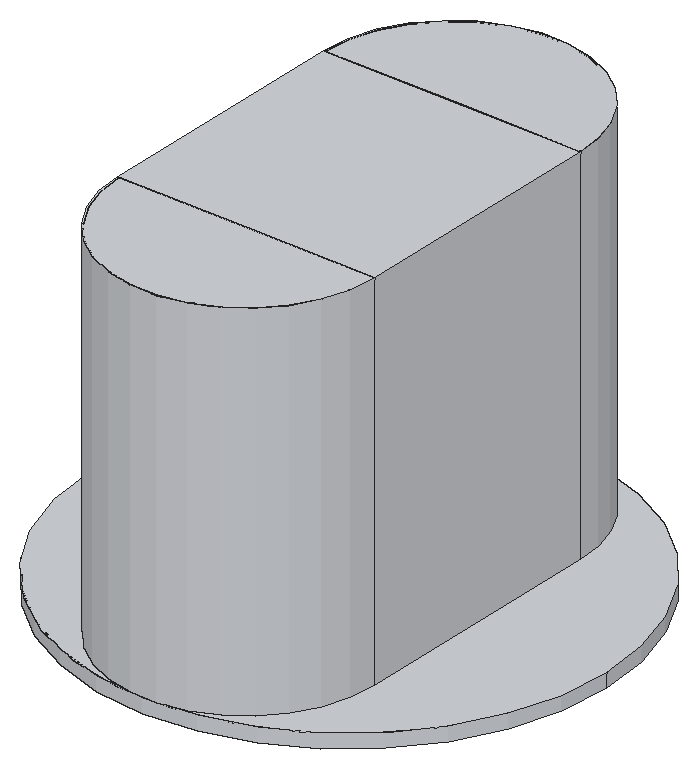
Revit family "KG_D_Einbaulautsprecher_V1700", category Kommunikationsgeräte, Revit 2017
Family settings
  Beschriftungsausrichtung beibehalten = Nein
  Bemaßung runder Anschluss = Durchmesser verwenden
  Teiletyp = Normal
  OmniClass-Nummer = 23.85.50.00
  OmniClass-Titel = Communication Systems
  Arbeitsebenenbasiert = Nein
  Immer vertikal = Ja
  Beim Laden mit Abzugskörper schneiden = Ja
  Gemeinsam genutzt = Nein
  Raumberechnungspunkt = Nein
Parameters (values of type "D_Lautsprecher_Einbau_A_ELA_")
  pbr_Material_KZ = ""
  pbr_Material = none
  pbr_E_Typ = ""
  pbr_E_KZ = ""
  pbr_DINBild = 0
  pbr_Bild = 0
  pbr_3Dx_Delta_Korrekturversatz [instance] = 0 mm
  pbr_3DX_Versatzfaktor [instance] = 0
  pbr_2DY_Versatzfaktor [instance] = 0
  pbr_2DX_Versatzfaktor [instance] = 0
  lfd_STRK [instance] = 0
  cpiFitMatchKey [instance] = "E-AuV LSD"  # constant formula
  Zentrale [instance] = ""
  YFrontversatz [instance] = if(pbr_2DY_Versatzfaktor = 300, 0 mm, pbr_2DY_Versatzfaktor * 300 mm)  # 0 mm
  XSeitenversatz [instance] = if(pbr_2DX_Versatzfaktor = 0, 3000 mm, 3000 mm + (pbr_2DX_Versatzfaktor * 300 mm)) + Eckversatz  # 3000 mm
  X3Dversatz [instance] = 0 mm
  Typ [instance] = ""
  Text3 [instance] = ""
  Text2 [instance] = ""
  Text1 [instance] = ""
  Planungsbüro Rohling = "www.pbr.de"
  Netzart = ""
  Menge(Dosenzahl) [instance] = 0
  Linie/Anschluss [instance] = ""
  Linie [instance] = ""
  Lautsprecher Einbau B = no
  Lautsprecher Einbau A = yes
  Niveau [instance] = 3000 mm
  Lastklassifizierung = none
  Installationsart [instance] = ""
  Info [instance] = ""
  Gewerk [instance] = "ELA"
  Einbaulautsprecher = no
  Einbau-Lautsprecher Koax 2-Wege = no
  Platzierrahmen [instance] = no
  Eckversatz = 0 mm
  Bus [instance] = ""
  Betriebsstrom ruhe [instance] = 0
  Betriebsstrom max [instance] = 0
  3DX_Versatzkontrolle [instance] = if(pbr_3DX_Versatzfaktor = 0, (pbr_2DX_Versatzfaktor * -1), (((-1 * pbr_3DX_Versatzfaktor) + pbr_2DX_Versatzfaktor) * -1))  # 0
  3DX_Versatz [instance] = 0 mm
Types (8, lengths in mm): name | Lautsprecher Einbau B | Lautsprecher Einbau A | Gewerk | Einbaulautsprecher | Einbau-Lautsprecher Koax 2-Wege
  D_Einbaulautsprecher_ELA | no | no | "ELA" | yes | no
  D_Einbaulautsprecher_Koax_2Wege_ELA | no | no | "ELA" | no | yes
  D_Lautsprecher_Einbau_A_ELA_ | no | yes | "ELA" | no | no
  D_Lautsprecher_Einbau B_ELA | yes | no | "ELA" | no | no
  D_Einbaulautsprecher_SPA | no | no | "SPA" | yes | no
  D_Einbaulautsprecher_Koax_2Wege_SPA | no | no | "SPA" | no | yes
  D_Lautsprecher_Einbau_A_SPA | no | yes | "SPA" | no | no
  D_Lautsprecher_Einbau_B_SPA | yes | no | "SPA" | no | no
Reference planes
  plane 1 "Mitte (Vorne/Hinten)": y = 0
  plane 2: z = 0
  plane 3 "Mitte (Links/Rechts)": x = 0
  plane 4 "Schalterhinten": y = 0
  plane 5: x = -3000
  plane 6: x = 0
  plane 7: x = -2000
  plane 8: z = 3040
  plane 9: z = 2960
  plane 10 "3DSchalterMitte": x = 0
  plane 11 "Niveaulage": z = 3000
  plane 12: z = 3020
  plane 13: z = 2980
Lines and regions (mm)
  model lines, visible <- "Platzierrahmen"
    curve 1: line (-125, 0, 0) -> (125, 0, 0)
  model lines
    curve 2: line (-73.75, 73.75, 10) -> (-72.95, 73.75, 10)
    curve 3: line (72.95, 73.75, 10) -> (73.75, 73.75, 10)
    curve 4: line (73.75, -73.75, 10) -> (72.95, -73.75, 10)
    curve 5: line (-72.95, -73.75, 10) -> (-73.75, -73.75, 10)
Dimensions and locks
  locked: plane 5 to plane 6 at 3000
  plane 5 to plane 3 "Mitte (Links/Rechts)" = 3000 mm
  locked: plane 1 "Mitte (Vorne/Hinten)" to plane 4 "Schalterhinten"
  plane 8 to plane 9 = 80 mm
  plane 6 to plane 7 = 2000 mm
  locked: plane 10 "3DSchalterMitte" to plane 7 at 2000
  equal spacing: plane 8, plane 11 "Niveaulage", plane 9
  "Niveau": plane 11 "Niveaulage" to level
  plane 8 to plane 12 = 20 mm
  plane 13 to plane 9 = 20 mm
  aligned and locked: level to plane 2
  aligned and locked: curve 1 to plane 4 "Schalterhinten"
  aligned and locked: plane 10 "3DSchalterMitte" to nested 1
  aligned and locked: plane 1 "Mitte (Vorne/Hinten)" to nested 1
  aligned and locked: nested 1 to plane 11 "Niveaulage"
  aligned and locked: plane 3 "Mitte (Links/Rechts)" to nested 2
  aligned and locked: plane 1 "Mitte (Vorne/Hinten)" to nested 2
Automatic sketch dimensions
  curve 5 to curve 5 = 0.8 mm
  curve 2 to curve 2 = 0.8 mm
  curve 4 to curve 4 = 0.8 mm
  curve 3 to curve 3 = 0.8 mm
  curve 3 to plane 1 "Mitte (Vorne/Hinten)" = 73.75 mm
  curve 2 to plane 1 "Mitte (Vorne/Hinten)" = 73.75 mm
  plane 10 "3DSchalterMitte" to curve 4 = 72.95 mm
  plane 10 "3DSchalterMitte" to curve 3 = 72.95 mm
  curve 2 to plane 10 "3DSchalterMitte" = 72.95 mm
  curve 5 to plane 10 "3DSchalterMitte" = 72.95 mm
  plane 1 "Mitte (Vorne/Hinten)" to curve 5 = 73.75 mm
  plane 1 "Mitte (Vorne/Hinten)" to curve 4 = 73.75 mm
  plane 3 "Mitte (Links/Rechts)" to curve 1 = 125 mm
  curve 1 to plane 3 "Mitte (Links/Rechts)" = 125 mm
Nested families
  nested 1: "_E_CAx Modell Lautsprecher Deckeneinbau" at (0, 0, 3219), type "_E_CAx Modell Lautsprecher Deckeneinbau"
  nested 2: "Einbaulautsprecher SPA" at (0, 0, 0), visible <- "Einbaulautsprecher", type "Einbaulautsprecher SPA"
  nested 3: "Einbau-Lautsprecher Koax 2-Wege" at (-6.945, -199.879, 0), visible <- "Einbau-Lautsprecher Koax 2-Wege", type "Einbau-Lautsprecher Koax 2-Wege"
  nested 4: "Einbau-Lautsprecher A" at (0, -199.879, 0), visible <- "Lautsprecher Einbau A", type "Einbau-Lautsprecher A"
  nested 5: "Einbau-Lautsprecher B" at (0, -199.879, 0), visible <- "Lautsprecher Einbau B", type "Einbau-Lautsprecher B"
Connectors
  electrical at (0, 0, 3219)
    settings: on nested 1, index 1, voltage 0 V, apparent load 0 VA, apparent load phase1 0 VA, apparent load phase2 0 VA, apparent load phase3 0 VA, power factor 1, load classification "Sonstige", number of poles 1, system type 14, power factor state 1, is connector primary yes, connector utility no, sub classification motor no, connector description ""
Definition of nested family "_E_CAx Modell Lautsprecher Deckeneinbau"
  Reference planes
    plane 1 "Mitte (Vorne/Hinten)": y = 0
    plane 2: z = 0
    plane 3 "Mitte (Links/Rechts)": x = 0
  Forms (mm)
    Extrusion 1, solid
      sketch origin (0, 0, -217) x (1, 0, 0) y (0, 1, 0)
        loop
          circle (0, 0) r 147.5
      from 0 to 8
    Extrusion 2, solid
      sketch origin (0, 0, -219) x (1, 0, 0) y (0, 1, 0)
        loop
          circle (0, 0) r 118
      from 0 to 2
    Extrusion 3, solid
      sketch origin (-73.75, -73.75, 0) x (0, 1, 0) y (0, 0, 1)
        loop
          line (0, 0) -> (0, -209) -> (147.5, -209) -> (147.5, 0) -> (0, 0)
      from 0 to 147.5
    Extrusion 4, solid
      sketch origin (73.75, 73.75, 0) x (1, 0, 0) y (0, 1, 0)
        loop
          arc (0, 0) -> (-73.75, 73.75) -> (-147.5, 0) r 73.75
          line (-147.5, 0) -> (-73.75, 0) -> (0, 0)
      from -0.1 to 0.1
    Extrusion 5, solid
      sketch origin (-73.75, -73.75, 0) x (1, 0, 0) y (0, 1, 0)
        loop
          arc (0, 0) -> (73.75, -73.75) -> (147.5, 0) r 73.75
          line (147.5, 0) -> (73.75, 0) -> (0, 0)
      from -0.1 to 0.1
    Extrusion 6, solid
      sketch origin (73.75, 73.75, -209) x (1, 0, 0) y (0, 1, 0)
        loop
          arc (0, 0) -> (-73.75, 73.75) -> (-147.5, 0) r 73.75
          line (-147.5, 0) -> (-146.7, 0)
          arc (-146.7, 0) -> (-73.75, 72.95) -> (-0.8, 0) r 72.95
          line (-0.8, 0) -> (0, 0)
      from 0 to 209
    Extrusion 7, solid
      sketch origin (-73.75, -73.75, -209) x (1, 0, 0) y (0, 1, 0)
        loop
          arc (0, 0) -> (73.75, -73.75) -> (147.5, 0) r 73.75
          line (147.5, 0) -> (146.7, 0)
          arc (146.7, 0) -> (73.75, -72.95) -> (0.8, 0) r 72.95
          line (0.8, 0) -> (0, 0)
      from 0 to 209
  Lines and regions (mm)
    model lines
      curve 1: arc (73.75, 73.75, -209) -> (0, 147.5, -209) -> (-73.75, 73.75, -209) r 73.75
      curve 2: arc (-72.95, 73.75, -209) -> (0, 146.7, -209) -> (72.95, 73.75, -209) r 72.95
      curve 3: line (-73.75, 73.75, -209) -> (-72.95, 73.75, -209)
      curve 4: line (72.95, 73.75, -209) -> (73.75, 73.75, -209)
      curve 5: arc (-73.75, -73.75, -209) -> (0, -147.5, -209) -> (73.75, -73.75, -209) r 73.75
      curve 6: arc (72.95, -73.75, -209) -> (0, -146.7, -209) -> (-72.95, -73.75, -209) r 72.95
      curve 7: line (73.75, -73.75, -209) -> (72.95, -73.75, -209)
      curve 8: line (-72.95, -73.75, -209) -> (-73.75, -73.75, -209)
  Dimensions and locks
    aligned and locked: level to plane 2
Definition of nested family "Einbaulautsprecher SPA"
  Parameters (values of type "Einbaulautsprecher SPA")
    Lautsprecher = yes
    Design-Lautsprecher = yes
    Anbau-Lautsprecher Typ A = yes
  Reference planes
    plane 1 "Mitte (Vorne/Hinten)": y = 0
    plane 2: z = 0
    plane 3 "Mitte (Links/Rechts)": x = 0
    plane 4: y = 0
    plane 5: x = 0
  Lines and regions (mm)
    detail lines, in view "Referenzebene"
      curve 1: circle (0, 0, 0) r 200 normal (0, 0, 1)
      curve 2: line (-169.506, 57.6, 0) -> (-54.306, 57.6, 0)
      curve 3: line (-54.306, 57.6, 0) -> (-54.306, -57.6, 0)
      curve 4: line (-54.306, -57.6, 0) -> (-169.506, -57.6, 0)
      curve 5: line (-169.506, -57.6, 0) -> (-169.506, 57.6, 0)
      curve 6: line (-54.306, 57.6, 0) -> (142.358, 131.243, 0)
      curve 7: line (142.358, 131.243, 0) -> (142.358, -131.273, 0)
      curve 8: line (142.358, -131.273, 0) -> (-54.306, -57.6, 0)
Definition of nested family "Einbau-Lautsprecher Koax 2-Wege"
  Reference planes
    plane 1 "Mitte (Vorne/Hinten)": y = 0
    plane 2: z = 0
    plane 3 "Mitte (Links/Rechts)": x = 0
  Lines and regions (mm)
    detail lines, in view "Referenzebene"
      curve 1: circle (7.501, 200, 0) r 200 normal (0, 0, 1)
      curve 2: circle (7.501, 200, 0) r 155.598 normal (0, 0, 1)
      curve 3: line (-129.749, 241.472, 0) -> (-46.805, 241.472, 0)
      curve 4: line (-46.805, 241.472, 0) -> (-46.805, 158.528, 0)
      curve 5: line (-46.805, 158.528, 0) -> (-129.749, 158.528, 0)
      curve 6: line (-129.749, 158.528, 0) -> (-129.749, 241.472, 0)
      curve 7: line (-46.805, 241.472, 0) -> (94.794, 294.495, 0)
      curve 8: line (94.794, 294.495, 0) -> (94.794, 105.484, 0)
      curve 9: line (94.794, 105.484, 0) -> (-46.805, 158.528, 0)
Definition of nested family "Einbau-Lautsprecher A"
  Reference planes
    plane 1 "Mitte (Vorne/Hinten)": y = 0
    plane 2: z = 0
    plane 3 "Mitte (Links/Rechts)": x = 0
  Lines and regions (mm)
    detail lines, in view "Referenzebene"
      curve 1: arc (82.427, 0, 0) -> (282.427, 200, 0) -> (82.427, 400, 0) r 200
      curve 2: line (82.427, 0, 0) -> (0, 0, 0)
      curve 3: line (0, 0, 0) -> (0, 400, 0)
      curve 4: line (0, 400, 0) -> (82.427, 400, 0)
      curve 5: line (126.601, 252.55, 0) -> (264.196, 199.631, 0)
      curve 6: line (264.196, 199.631, 0) -> (141.92, 61.754, 0)
      curve 7: line (141.92, 61.754, 0) -> (72.946, 192.043, 0)
      curve 8: line (72.946, 192.043, 0) -> (12.439, 245.699, 0)
      curve 9: line (12.439, 245.699, 0) -> (66.095, 306.206, 0)
      curve 10: line (66.095, 306.206, 0) -> (126.601, 252.55, 0)
      curve 11: line (126.601, 252.55, 0) -> (72.946, 192.043, 0)
      curve 12: line (39.267, 275.952, 0) -> (0, 289.503, 0)
Definition of nested family "Einbau-Lautsprecher B"
  Reference planes
    plane 1 "Mitte (Vorne/Hinten)": y = 0
    plane 2: z = 0
    plane 3 "Mitte (Links/Rechts)": x = 0
  Lines and regions (mm)
    detail lines, in view "Referenzebene"
      curve 1: arc (-82.427, 400, 0) -> (-282.427, 200, 0) -> (-82.427, 0, 0) r 200
      curve 2: line (-66.095, 306.206, 0) -> (-126.601, 252.55, 0)
      curve 3: line (-126.601, 252.55, 0) -> (-72.946, 192.043, 0)
      curve 4: line (-72.946, 192.043, 0) -> (-12.439, 245.699, 0)
      curve 5: line (-12.439, 245.699, 0) -> (-66.095, 306.206, 0)
      curve 6: line (-126.601, 252.55, 0) -> (-264.196, 199.631, 0)
      curve 7: line (-264.196, 199.631, 0) -> (-141.92, 61.754, 0)
      curve 8: line (-141.92, 61.754, 0) -> (-72.946, 192.043, 0)
      curve 9: line (-82.427, 0, 0) -> (0, 0, 0)
      curve 10: line (0, 0, 0) -> (0, 400, 0)
      curve 11: line (0, 400, 0) -> (-82.427, 400, 0)
      curve 12: line (0, 289.503, 0) -> (-39.267, 275.952, 0)
